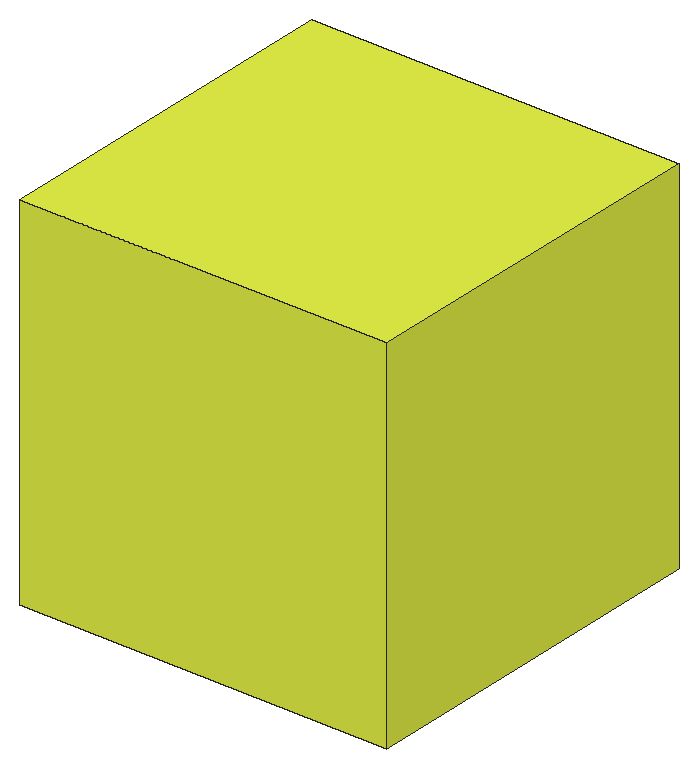
Revit family "M_Condição do limite-Fixado", category Condições do limite, Revit 2019
Family settings
  ID de item do Seek = Boundary Condition-Fixed-0000-CAN-ENU
  Com base no plano de trabalho = Não
  Sempre na vertical = Sim
  Corte com vazios quando carregada = Não
  Compartilhado = Não
Reference planes
  plane 1 "Centro (Frente/Trás)": y = 0
  plane 2: z = 0
  plane 3 "Centro (Esquerda/Direita)": x = 0
  plane 4 "diag2": through (76.2, -76.2, 1219.2) normal (-0.7071, -0.7071, 0)
  plane 5 "diag1": through (-76.2, -76.2, 1219.2) normal (-0.7071, 0.7071, 0)
Forms (mm)
  Extrusion 1, solid, material "BCFixado"
    sketch origin (0, -76.2, -117.01) x (0, 1, 0) y (0, 0, 1)
      loop
        line (-54.759, 148.76) -> (-54.759, -111.59) -> (207.159, -111.59) -> (207.159, 148.76) -> (-54.759, 148.76)
    from 131.36 to -131.36
Lines and regions (mm)
  symbolic lines
    curve 1: line (131.36, 0, -228.6) -> (154.464, 0, -261.596)
    curve 2: line (-131.36, 0, -228.6) -> (-108.256, 0, -261.596)
    curve 3: line (78.816, 0, -228.6) -> (101.92, 0, -261.596)
    curve 4: line (26.272, 0, -228.6) -> (49.376, 0, -261.596)
    curve 5: line (-26.272, 0, -228.6) -> (-3.168, 0, -261.596)
    curve 6: line (-78.816, 0, -228.6) -> (-55.712, 0, -261.596)
    curve 7: line (0, 130.959, -228.6) -> (0, 163.739, -275.415)
    curve 8: line (0, -130.959, -228.6) -> (0, -98.18, -275.415)
    curve 9: line (0, 78.576, -228.6) -> (0, 111.356, -275.415)
    curve 10: line (0, 26.192, -228.6) -> (0, 58.972, -275.415)
    curve 11: line (0, -26.192, -228.6) -> (0, 6.588, -275.415)
    curve 12: line (0, -78.576, -228.6) -> (0, -45.796, -275.415)
Dimensions and locks
  equal spacing: Extrusion 1, plane 1 "Centro (Frente/Trás)", Extrusion 1
  Extrusion 1 to level = 228.6 mm
  Extrusion 1 to plane 3 "Centro (Esquerda/Direita)" = 131.36 mm
  equal spacing: Extrusion 1, plane 3 "Centro (Esquerda/Direita)", Extrusion 1
  equal spacing: group 2, group 6, group 5, group 4, group 3, group 1
  equal spacing: group 1, group 3, group 4, group 5, group 6, group 2  (x2)
  equal spacing: group 7, group 9, group 10, group 11, group 12, group 8  (x2)
  equal spacing: group 8, group 12, group 11, group 10, group 9, group 7
Automatic sketch dimensions
  plane 1 "Centro (Frente/Trás)" to Extrusion 1 sketch curve = 130.959 mm
  Extrusion 1 sketch curve to plane 1 "Centro (Frente/Trás)" = 130.959 mm
  Extrusion 1 sketch curve to level = 228.6 mm
  level to Extrusion 1 sketch curve = 31.75 mm
